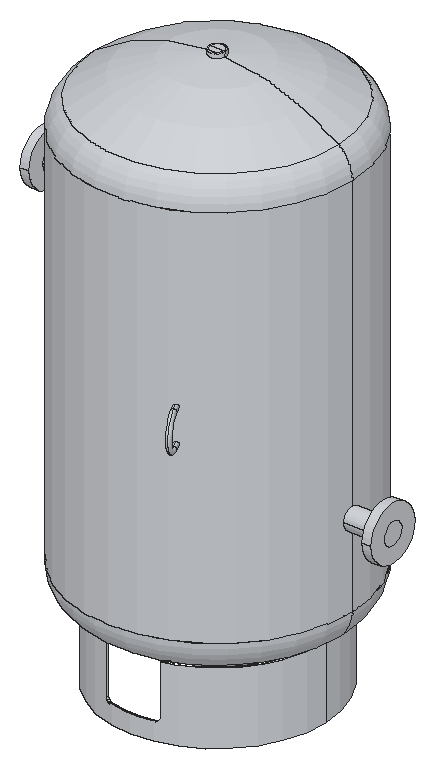
Revit family "HWBT-200-2-125 and 150", category Mechanical Equipment, Revit 2014
Parameters (values of type "HWBT-200-2-125 and 150")
  Tank Weight = "475 lbs @ 125, 523 lbs @ 150"
  Tank Volume = "200 Gal"
  Tank Height = "62 3/8\""
  Tank Diameter = "30\""
  Note = "All dimensions and weights are approximate"
  Maximum Acceptance Volume = "N/A"
  Max Operating Temp = "450° F"
  Max Operating Pressure = "125psi, or 150psi (depending on model)"
  Connector Size = "2\""
Reference planes (in)
  plane 1 "Center (Front/Back)": y = 0
  plane 2: z = 0
  plane 3 "Center (Left/Right)": x = 0
Forms (in)
  Extrusion 1, solid
    sketch origin (0, 0, 0) x (0, 1, 0) y (0, 0, 1)
      loop
        circle (0, 21.5) r 1.19
    from 0 to 19.5
  Extrusion 2, solid
    sketch origin (0, 0, 0) x (0, 1, 0) y (0, 0, 1)
      loop
        circle (0, 45.5) r 1.19
    from 0 to -19.5
  Extrusion 3, solid
    sketch origin (0, 0, 0) x (0, 1, 0) y (0, 0, 1)
      loop
        circle (0, 21.5) r 3
    from 18.5 to 19.5
  Extrusion 4, solid
    sketch origin (0, 0, 0) x (0, 1, 0) y (0, 0, 1)
      loop
        circle (0, 45.5) r 3
    from -18.5 to -19.5
  Extrusion 5, solid
    sketch origin (0, 0, 0) x (1, 0, 0) y (0, 1, 0)
      loop
        circle (0, 0) r 12
      loop
        circle (0, 0) r 11.8125
    from 0 to 8
  Extrusion 6, void
    sketch origin (0, 0, 0) x (1, 0, 0) y (0, 0, 1)
      loop
        line (-3, 8) -> (-3, 2.5)
        arc (-3, 2.5) -> (-2.85355, 2.14645) -> (-2.5, 2) r 0.5
        line (-2.5, 2) -> (2.5, 2)
        arc (2.5, 2) -> (2.85355, 2.14645) -> (3, 2.5) r 0.5
        line (3, 2.5) -> (3, 9) -> (-3, 9) -> (-3, 8)
    from 0 to 15
  Revolve 7, solid
    sketch origin (0, 0, 0) x (1, 0, 0) y (0, 0, 1)
      loop
        line (0, 62.94192) -> (-0.80591, 62.94192)
        arc (-0.80591, 62.94192) -> (-0.85014, 62.9236) -> (-0.86845, 62.87938) r 0.06254
        line (-0.86845, 62.87938) -> (-0.88433, 62.42476)
        arc (-0.88433, 62.42476) -> (-7.51355, 61.16163) -> (-13.4779, 58.00431) r 22.686
        arc (-13.4779, 58.00431) -> (-14.59792, 56.67722) -> (-15, 54.98786) r 3.75
        line (-15, 54.98786) -> (-15, 12.13614)
        arc (-15, 12.13614) -> (-14.59792, 10.44678) -> (-13.4779, 9.11969) r 3.75
        arc (-13.4779, 9.11969) -> (-7.51355, 5.96237) -> (-0.88433, 4.69924) r 22.686
        line (-0.88433, 4.69924) -> (-0.86845, 4.24462)
        arc (-0.86845, 4.24462) -> (-0.85014, 4.2004) -> (-0.80591, 4.18208) r 0.06254
        line (-0.80591, 4.18208) -> (0, 4.18208) -> (0, 62.94192)
      axis (0, 62.94192) -> (0, 4.18208)
    angle from 0 to 360
  Sweep 8, solid
    path origin (-1.4721, 2.49238, -12.95065) x (0.434898, -0.90048, 0) y (0, 0, 1)
      loop
        line (17.83546, 48.42089) -> (18.83546, 48.42089)
        arc (18.83546, 48.42089) -> (20.71046, 46.54589) -> (18.83546, 44.67089) r 1.875
        line (18.83546, 44.67089) -> (17.83546, 44.67089)
    profile origin (6.50194, -14.01833, 35.47024) x (0, 0, 1) y (-0.90048, -0.434898, 0)
      loop
        circle (0, 0) r 0.25
Cuts and joins
  Extrusion 6 cuts Extrusion 5
Dimensions and locks (in)
  aligned and locked: level to plane 2
